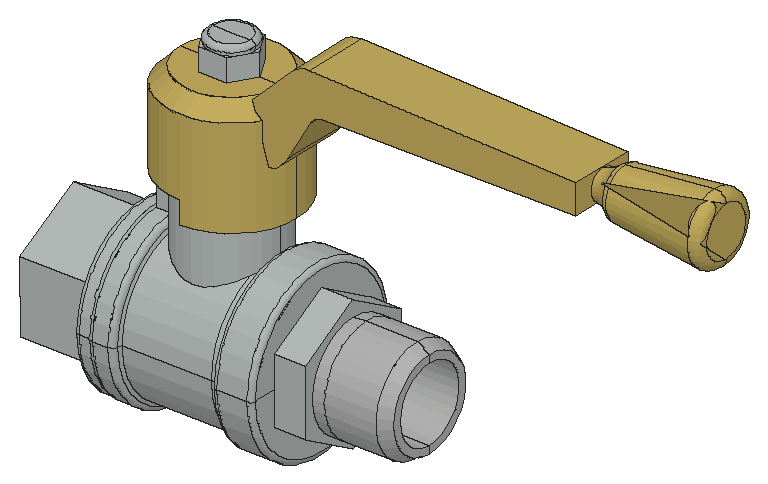
Revit family "QP02300000", category Apparecchi idraulici, Revit 2020
Family settings
  Quota connettore circolare = Usa diametro
  Tipo di parte = Normale
  Numero OmniClass = 23.45.00.00
  Titolo OmniClass = Sanitary, Laundry, and Cleaning Equipment
  Basato su piano di lavoro = No
  Sempre verticale = Sì
  Taglio con vuoti quando caricato = No
  Condiviso = No
  Punto di calcolo locali = No
Parameters
  URL = "https://web.cimberio.com/index.php/figura/167?subcategoria_id=95643"
  Temperatura di esercizio = "-20 ÷ 60°C"
  Prospetto di default = 0 mm
  Produttore = "CIMBERIO SPA"
  Pressione nominale = "MOP 5"
  Modello = "Cim 201G"
  Materiale = "Prodotto in lega di ottone conforme alla norma EN 12165-CW617N-DW"
  Descrizione = "Utilizzato nell’impiantistica distributiva di gas a bassa pressione per le categorie:\r\nGas naturali: gas derivati dal petrolio (Metano) e gas di ricambio.\r\nGas di città: prodotti secondo i diversi procedimenti (Cracking - Cokerie - ecc.).\r\nGas liquidi: propano e miscele di gas propano/butano."
  DN Model [instance] = QP02301015 : QP02301015
  DN [instance] = 15 mm
  Commenti sul tipo = "Realizzato in ottemperanza ai requisiti gestionali della norma EN ISO 9001.\r\nCollaudato al 100% secondo la normativa EN 12266-1"
Reference planes
  plane 1 "Centro (Fronte/Retro)": y = 0
  plane 2: z = 0
  plane 3 "Centro (Sinistra/Destra)": x = 0
Dimensions and locks
  aligned and locked: level to plane 2
Nested families
  nested 1: "QP02301015" at (0, 0, 0), type <- "DN Model", type "QP02301015"
  nested 2: "QP02301015" at (0, 0, 0), type <- "DN Model", type "QP02301015"
  nested 3: "QP02301015" at (0, 0, 0), type <- "DN Model", type "QP02301015"
  nested 4: "QP02301015" at (0, 0, 0), type <- "DN Model", type "QP02301015"
  nested 5: "QP02301015" at (0, 0, 0), type <- "DN Model", type "QP02301015"
  nested 6: "QP02301015" at (0, 0, 0), type <- "DN Model", type "QP02301015"
  nested 7: "QP02301015" at (0, 0, 0), type <- "DN Model", type "QP02301015"
  nested 8: "QP02301015" at (0, 0, 0), type <- "DN Model", type "QP02301015"
Connectors
  piping at (40.05, 0, 0), diameter 15, driven by "DN"
    settings: on nested 1, index 1, connector inside diameter 609.6 mm, connector length 0 mm, flow factor 0, pipe flow 0.0 L/s, pressure drop 0.0 Pa, fitting loss kfactor 0, connector angle 0.00°, fixture units 0, engagement length 0 mm, angle of deflection 0.00°, flow configuration 0, flow direction 0, fitting loss method 0, system type 7, joint type 0, gender type 0, connector reference index -1, connector utility 0, adjustable connector no, is connector primary yes, connector description ""
  piping at (-32.05, 0.017, 0), diameter 15, driven by "DN"
    settings: on nested 1, index 2, connector inside diameter 609.6 mm, connector length 0 mm, flow factor 0, pipe flow 0.0 L/s, pressure drop 0.0 Pa, fitting loss kfactor 0, connector angle 0.00°, fixture units 0, engagement length 0 mm, angle of deflection 0.00°, flow configuration 0, flow direction 0, fitting loss method 0, system type 7, joint type 0, gender type 0, connector reference index -1, connector utility 0, adjustable connector no, is connector primary no, connector description ""
Definition of nested family "QP02301015"
  Parameters (values of type "QP02301015")
    Default Elevation = 0 mm
  Reference planes
    plane 1 "Centro (Fronte/Retro)": y = 0
    plane 2: z = 0
    plane 3 "Centro (Sinistra/Destra)": x = 0
  Forms (mm)
    Revolve 1, solid
      sketch origin (0, 0, 0) x (1, 0, 0) y (0, 0, 1)
        loop
          line (0, 47.3) -> (-10.25, 47.3) -> (-13.25, 44.3) -> (-13.25, 24.3) -> (-8.92, 24.3) -> (-8.92, 33.247) -> (0, 33.247) -> (0, 47.3)
        axis (0, 47.3) -> (0, 24.3)
      angle from 0 to 360
    Extrusion 2, void
      sketch origin (0, 0, 28.55) x (1, 0, 0) y (0, 1, 0)
        loop
          line (-8.682, 0) -> (-12.843, 0)
          arc (-12.843, 0) -> (-11.056, -11.86) -> (0, -16.51) r 12.25
          line (0, -16.51) -> (0, -7.437)
          arc (0, -7.437) -> (-5.627, -5.22) -> (-8.682, 0) r 9.25
      from -7.705 to 0.295
    Extrusion 3, solid
      sketch origin (0, 0, 47.3) x (0, 1, 0) y (-1, 0, 0)
        loop
          line (0, 5.6) -> (-4.85, 2.8) -> (-4.85, -2.8) -> (0, -5.6) -> (4.85, -2.8) -> (4.85, 2.8) -> (0, 5.6)
      from 0 to 4.5
    Extrusion 4, solid
      sketch origin (0, 0, 0) x (1, 0, 0) y (0, 0, 1)
        loop
          line (9.489, 47.289) -> (12.79, 36.303)
          arc (12.79, 36.303) -> (13.672, 36.434) -> (14.476, 36.819) r 2.98
          arc (14.476, 36.819) -> (15.839, 37.99) -> (16.907, 39.435) r 8
          line (16.907, 39.435) -> (21.6, 47.564)
          arc (21.6, 47.564) -> (22.505, 48.472) -> (23.741, 48.814) r 2.506
          line (23.741, 48.814) -> (75.001, 49.367) -> (75.001, 55.3) -> (21.147, 56.761)
          arc (21.147, 56.761) -> (19.163, 56.394) -> (17.48, 55.28) r 5.061
          line (17.48, 55.28) -> (9.489, 47.289)
      from -6.343 to 6.657
    Revolve 5, solid
      sketch origin (0, 0, 0.033) x (0, 1, 0) y (-1, 0, 0)
        loop
          line (7.5, 18.05) -> (7.5, -18.05) -> (16.5, -18.05)
          arc (16.5, -18.05) -> (17.207, -17.757) -> (17.5, -17.05) r 1
          line (17.5, -17.05) -> (17.5, -11)
          arc (17.5, -11) -> (17.207, -10.293) -> (16.5, -10) r 1
          line (16.5, -10) -> (15.75, -9.65) -> (15.75, -8.496) -> (15.75, 9.727) -> (16.5, 10)
          arc (16.5, 10) -> (17.207, 10.293) -> (17.5, 11) r 1
          line (17.5, 11) -> (17.5, 14.117) -> (17.25, 15.05) -> (17.25, 17.05)
          arc (17.25, 17.05) -> (16.957, 17.757) -> (16.25, 18.05) r 1
          line (16.25, 18.05) -> (7.5, 18.05)
        axis (0, 18.05) -> (0, -18.05)
      angle from 0 to 360
    Revolve 6, solid
      sketch origin (0, 0, 0) x (1, 0, 0) y (0, 0, 1)
        loop
          line (0, 28.8) -> (0, 11.324) -> (10.003, 11.324) -> (10.003, 28.8) -> (0, 28.8)
        axis (0, 28.8) -> (0, 11.324)
      angle from 0 to 360
    Extrusion 7, solid
      sketch origin (0, 0, 0) x (1, 0, 0) y (0, 0, 1)
        loop
          line (-9, 27.8) -> (-14, 27.8) -> (-14, 15.632) -> (-9, 15.632) -> (-9, 27.8)
      from -1.5 to 1.5
    Revolve 8, solid
      sketch origin (0, 0, 0) x (1, 0, 0) y (0, 0, 1)
        loop
          line (0, 33.247) -> (-8.299, 33.247) -> (-8.299, 31.791) -> (-7.423, 31.285) -> (-7.423, 30.49) -> (-8.299, 29.984) -> (-8.299, 29.189) -> (-7.423, 28.683) -> (-7.423, 27.74) -> (-8.299, 26.864) -> (-8.299, 25.951) -> (0, 25.951) -> (0, 33.247)
        axis (0, 33.247) -> (0, 25.951)
      angle from 0 to 360
    Revolve 9, solid
      sketch origin (0, 0, 0) x (1, 0, 0) y (0, 0, 1)
        loop
          line (100, 52.333) -> (100, 57.311)
          arc (100, 57.311) -> (99.337, 58.798) -> (97.788, 59.3) r 2
          line (97.788, 59.3) -> (79.766, 57.382)
          arc (79.766, 57.382) -> (79.175, 57.217) -> (78.669, 56.87) r 1.867
          arc (78.669, 56.87) -> (76.979, 55.749) -> (75.001, 55.3) r 5.63
          line (75.001, 55.3) -> (75.001, 52.333) -> (100, 52.333)
        axis (100, 52.3) -> (75.001, 52.3)
      angle from 0 to 360
    Revolve 10, solid
      sketch origin (0, 0, 0) x (1, 0, 0) y (0, 0, 1)
        loop
          line (0, 53.3) -> (0, 51.152) -> (4.75, 51.152) -> (4.75, 52.3)
          arc (4.75, 52.3) -> (4.457, 53.007) -> (3.75, 53.3) r 1
          line (3.75, 53.3) -> (0, 53.3)
        axis (0, 53.3) -> (0, 51.152)
      angle from 0 to 360
    Extrusion 11, solid
      sketch origin (-16, 0, 0) x (0, 0, 1) y (0, 1, 0)
        loop
          circle (0, 0) r 7.467
        loop
          line (15, 0) -> (7.206, 13.5) -> (-7.206, 13.5) -> (-15, 0) -> (-7.236, -13.448) -> (7.236, -13.448) -> (15, 0)
      from 2.05 to 16.05
    Extrusion 12, solid
      sketch origin (0, 0, 0) x (0, 1, 0) y (0, 0, 1)
        loop
          circle (0, 0) r 7.467
        loop
          line (0, 13.5) -> (-11.999, 6.572) -> (-11.999, -6.572) -> (0, -13.5) -> (11.984, -6.581) -> (11.984, 6.581) -> (0, 13.5)
      from 18.05 to 24.55
    Revolve 13, solid
      sketch origin (0, 0, 0) x (1, 0, 0) y (0, 0, 1)
        loop
          line (27.064, 10.45) -> (24.55, 10.45) -> (24.55, 7.5) -> (40.05, 7.5) -> (40.05, 9.007) -> (37.57, 10.45) -> (27.064, 10.45)
        axis (40.05, 0) -> (24.55, 0)
      angle from 0 to 360
  Cuts and joins
    Extrusion 2 cuts Revolve 1
    joined: Revolve 6, Extrusion 7
  Dimensions and locks
    aligned and locked: level to plane 2
